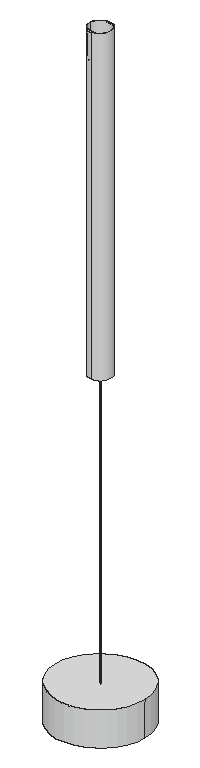
Revit family "Lighting-Pendant-Amerlux-Finch-Cylinder with Power Canopy", category Lighting Fixtures, host Face, Revit 2020
Family settings
  Host = Face
  Round Connector Dimension = Use Diameter
  Part Type = Normal
  Cut with Voids When Loaded = No
  Light Source = Yes
  Shared = No
  Room Calculation Point = No
Parameters (values of type "FIN18-PMPC")
  Wattage = 9.2903 W
  built-in parameter 1150110 = 1 (stored number, unit not read)
  Voltage = 0 V
  Uplight [instance] = yes
  URL = "http://www.amerlux.com/"
  built-in parameter 1114217 = 1 (stored number, unit not read)
  Tilt Angle = -90.00°
  built-in parameter 1150109 = 1 (stored number, unit not read)
  built-in parameter 1150134 = 3
  Suspension Length [instance] = 3' - 0"
  built-in parameter 1150113 = 1 (stored number, unit not read)
  Power Factor = 1
  Photometric Web File = "Load File"
  Number of Poles = 1
  built-in parameter 1150142 = (empty or 0)
  Model = "Finch"
  Manufacturer = "Amerlux"
  built-in parameter 1150105 = 109.82 (stored number, unit not read)
  Lumens = 1380 lm
  built-in parameter 1150115 = 1 (stored number, unit not read)
  built-in parameter 1150137 = (empty or 0)
  built-in parameter 1150139 = (empty or 0)
  built-in parameter 1150112 = 1 (stored number, unit not read)
  built-in parameter 1150114 = 1 (stored number, unit not read)
  built-in parameter 1150132 = (empty or 0)
  built-in parameter 1150102 = (empty or 0)
  built-in parameter 1150107 = 3200 (stored number, unit not read)
  built-in parameter 1150138 = (empty or 0)
  built-in parameter 1150106 = 1.0982 (stored number, unit not read)
  Fixture Length = 1' - 6"
  Fixture Finish = Aluminum Finish
  Emit from Circle Diameter = 0' - 1 1/4"
  Emit Shape Visible in Rendering = no
  built-in parameter 1150104 = 13.8 (stored number, unit not read)
  Dimming Lamp Color Temperature Shift = <None>
  Description = "Pendant Mount"
  Default Elevation = 4' - 0"
  Color Filter = 16777215
  built-in parameter 1114218 = 1 (stored number, unit not read)
  built-in parameter 1150133 = 10 (stored number, unit not read)
  Apparent Load = 0 VA
Types (4): name | Suspension Length | Fixture Length
  (no name) | 3' - 0" | 1' - 6"
  FIN9-PMPC | 2' - 0" | 0' - 9"
  FIN12-PMPC | 2' - 0" | 1' - 0"
  FIN18-PMPC | 3' - 0" | 1' - 6"
Reference planes (in)
  plane 1 "Center (Front/Back)": y = 0
  plane 2: z = 0
  plane 3 "Center (Left/Right)": x = 0
  plane 4: z = 0
  plane 5: z = 36
  plane 6: y = 2.60156
  plane 7: y = -2.60156
  plane 8: x = -1.73065
  plane 9: x = 1.73065
  plane 10: z = 2
Forms (in)
  Extrusion 1, solid, material "Aluminum Finish"
    sketch origin (0, 0, -16.41762) x (0, 1, 0) y (-1, 0, 0)
      loop
        circle (0, 0) r 0.625
    from 34.41762 to 52.41762
  Extrusion 2, solid, material "Aluminum Finish"
    sketch origin (0, 0, 0) x (1, 0, 0) y (0, 1, 0)
      loop
        circle (0, 0) r 2.60668
    from 0 to 2
  Extrusion 3, void
    sketch origin (0, 1.0625, 3.08238) x (1, 0, 0) y (0, 1, 0)
      loop
        circle (0, -1.06397) r 0.60504
    from 31.41627 to 32.91762
  Extrusion 4, solid, material "Aluminum Finish"
    sketch origin (0, 0, 0) x (1, 0, 0) y (0, 1, 0)
      loop
        circle (0, 0) r 0.03093
    from 0 to 18
Cuts and joins
  Extrusion 3 cuts Extrusion 1
Dimensions and locks (in)
  plane 4 to host face = 0' - 0"
  equal spacing: plane 6, plane 1 "Center (Front/Back)", plane 7  (x2)
  plane 6 to plane 7 = 0' - 5 13/64"  (x2)
  locked: cut or joined group of Extrusion 1, Extrusion 3 to cut or joined group of Extrusion 1, Extrusion 3 at 1.50135
  "Suspension Length": plane 5 to host face
  "Fixture Length": cut or joined group of Extrusion 1, Extrusion 3 to cut or joined group of Extrusion 1, Extrusion 3
  plane 10 to host face = 0' - 2"
  diameter of Extrusion 1 sketch curve = 0' - 1 1/4"
  diameter of Extrusion 2 sketch curve = 0' - 5.21336"
  aligned and locked: plane 2 to host face
  aligned and locked: level to host face
  aligned and locked: plane 3 "Center (Left/Right)" to imposter light
  aligned and locked: imposter light to plane 5
  aligned and locked: plane 5 to cut or joined group of Extrusion 1, Extrusion 3  (x2)
  aligned and locked: plane 1 "Center (Front/Back)" to imposter light
  aligned and locked: Extrusion 4 to cut or joined group of Extrusion 1, Extrusion 3
  aligned and locked: Extrusion 4 to level
  aligned and locked: plane 10 to Extrusion 2
Automatic sketch dimensions
  host sketch curve to host sketch curve = 8' - 0"  (x2)
  plane 1 "Center (Front/Back)" to Extrusion 1 sketch curve = 0' - 0"
  Extrusion 1 sketch curve to plane 3 "Center (Left/Right)" = 0' - 0"
  Extrusion 3 sketch curve to plane 3 "Center (Left/Right)" = 0' - 0"
  plane 1 "Center (Front/Back)" to Extrusion 3 sketch curve = 0' - 0.00147"
  plane 1 "Center (Front/Back)" to Extrusion 4 sketch curve = 0' - 0"
  Extrusion 4 sketch curve to plane 3 "Center (Left/Right)" = 0' - 0"
  plane 1 "Center (Front/Back)" to Extrusion 2 sketch curve = 0' - 0"
  Extrusion 2 sketch curve to plane 3 "Center (Left/Right)" = 0' - 0"
  radius of Extrusion 3 sketch curve = 0' - 0.60504"
  radius of Extrusion 4 sketch curve = 0' - 0.03093"
Connectors (in)
  electrical at (0, 0, 0), driven by "Number of Poles", driven by "Voltage", driven by "Power Factor"
    settings: on Extrusion 2, index 1, voltage 0 V, apparent load 0 VA, apparent load phase1 0 VA, apparent load phase2 0 VA, apparent load phase3 0 VA, power factor 1, load classification "Other", number of poles 1, system type 31, power factor state 1, is connector primary yes, connector utility no, sub classification motor no, connector description ""
